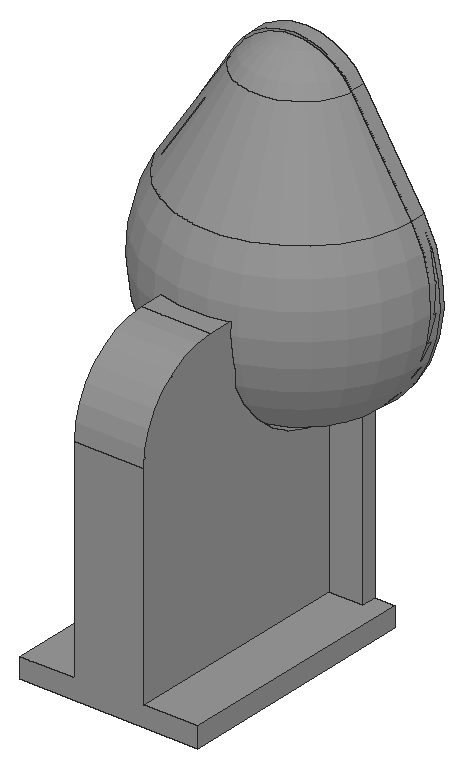
Revit family "Toilet-Willoughby-ETW-1490-OF-TS", category Plumbing Fixtures, Revit 2015
Parameters (values of type "Standard")
  Waste DIA = 2 3/8"
  Waste Connection = yes
  W-RAD [instance] = Waste DIA / 2  # 0' - 1 3/16"
  Vent Connection = no
  URL = "https://www.willoughby-ind.com/wp-content/uploads/2018/01/ETW-1490-OF.pdf"
  Type Comments = ""
  Revision = "A"
  Model = "ETW-1490-OF-TS"
  Manufacturer = "Willoughby Industries"
  HW Connection = no
  Flush inlet DIA = 1 1/2"
  Flush Inlet Connection = yes
  Fixture Body = Stainless Steel AISI 304-Willoughby
  F-RAD [instance] = Flush inlet DIA / 2  # 0' - 0 3/4"
  Description = "Off Floor Mounted Toilet, Top Spud"
  Default Elevation = 0' - 0"
  Contact Number = "(800) 428-4065"
  CW Connection = yes
Reference planes (in)
  plane 1 "Floor Level": y = -16.25
  plane 2: z = 0
  plane 3 "Center": x = 18.31072
  plane 4 "Waste height": y = -4.75
  plane 5 "Seat HGT": y = -1.25
  plane 6: y = -2.125
  plane 7 "Bottom Of Unit Off Floor": y = -13.75
  plane 8: x = 16.56072
  plane 9: x = 20.06072
  plane 10: x = 11.56072
  plane 11: x = 25.06072
  plane 12: z = 2.70924
Forms (in)
  Extrusion 1, solid, material "Stainless Steel AISI 304-Willoughby" <- "Fixture Body"
    sketch origin (16.08109, 7.47968, -7.1422) x (-1, 0, 0) y (0, 0, -1)
      loop
        line (1.29775, -16.80087) -> (1.29775, -7.1422) -> (-5.72963, -7.1422) -> (-5.72963, -16.81676)
        arc (-5.72963, -16.81676) -> (-8.98136, -21.11843) -> (-8.21015, -26.45542) r 7
        line (-8.21015, -26.45542) -> (-5.16818, -31.31054)
        arc (-5.16818, -31.31054) -> (-2.20225, -32.95225) -> (0.76368, -31.31054) r 3.5
        line (0.76368, -31.31054) -> (3.80565, -26.45542)
        arc (3.80565, -26.45542) -> (4.5729, -21.10311) -> (1.29775, -16.80087) r 7
      loop
        arc (2.03989, -24.70557) -> (-2.20225, -18.23804) -> (-6.44438, -24.70557) r 4.625
        line (-6.44438, -24.70557) -> (-4.04125, -30.23842)
        arc (-4.04125, -30.23842) -> (-2.20225, -31.45225) -> (-0.36324, -30.23842) r 2
        line (-0.36324, -30.23842) -> (2.03989, -24.70557)
    from 8.72968 to 9.5
  Revolve 2, solid, material "Stainless Steel AISI 304-Willoughby" <- "Fixture Body"
    sketch origin (19.37246, -1.52032, -3.93826) x (-1, 0, 0) y (0, 0, -1)
      loop
        line (1.06174, -12.59906) -> (1.06174, -12.84906)
        arc (1.06174, -12.84906) -> (6.96784, -16.33096) -> (6.78077, -23.18447) r 6.75
        line (6.78077, -23.18447) -> (3.81535, -27.91457)
        arc (3.81535, -27.91457) -> (2.63527, -29.03194) -> (1.06174, -29.43826) r 3.25
        line (1.06174, -29.43826) -> (1.06174, -29.68826)
        arc (1.06174, -29.68826) -> (2.75672, -29.25045) -> (4.02767, -28.04656) r 3.5
        line (4.02767, -28.04656) -> (7.06964, -23.19143)
        arc (7.06964, -23.19143) -> (7.15052, -16.14555) -> (1.06174, -12.59906) r 7
      axis (1.06174, -12.59906) -> (1.06174, -29.68826)
    angle from 0 to -180
  Extrusion 3, solid, material "Stainless Steel AISI 304-Willoughby" <- "Fixture Body"
    sketch origin (19.53334, -3.02032, -4.9508) x (0, 1, 0) y (0, 0, 1)
      loop
        line (-5.27082, 4.9508) -> (1, 4.9508) -> (1, 13.76086)
        arc (1, 13.76086) -> (-2.93256, 15.26109) -> (-5.27082, 18.76086) r 6.92744
        line (-5.27082, 18.76086) -> (-5.27082, 4.9508)
    from 0.52738 to -2.97262
  Extrusion 4, solid, material "Stainless Steel AISI 304-Willoughby" <- "Fixture Body"
    sketch origin (17.03334, 24.08792, -4.30581) x (0, 1, 0) y (0, 0, 1)
      loop
        line (-32.06656, 4.30581) -> (-32.06656, 20.30581) -> (-33.56217, 20.30581)
        arc (-33.56217, 20.30581) -> (-36.58558, 19.05347) -> (-37.83792, 16.03006) r 4.27575
        line (-37.83792, 16.03006) -> (-37.83792, 4.30581) -> (-32.06656, 4.30581)
    from -0.47262 to 3.02738
  Extrusion 5, solid, material "Stainless Steel AISI 304-Willoughby" <- "Fixture Body"
    sketch origin (0, 14.59309, 0) x (1, 0, 0) y (0, 1, 0)
      loop
        circle (18.31072, -19.34309) r 1.1875
    from 1 to -3
  Extrusion 6, solid, material "Stainless Steel AISI 304-Willoughby" <- "Fixture Body"
    sketch origin (0, 1.11185, 0) x (1, 0, 0) y (0, 0, 1)
      loop
        circle (18.31072, 2.70924) r 0.75
    from 2.36185 to 4.61185
  Extrusion 7, solid, material "Stainless Steel AISI 304-Willoughby" <- "Fixture Body"
    sketch origin (0, -16.25, 0) x (1, 0, 0) y (0, 0, 1)
      loop
        line (22.81072, 0) -> (22.81072, 1) -> (13.81072, 1) -> (13.81072, 0) -> (22.81072, 0)
    from -15 to -2.5
Cuts and joins
  joined: Extrusion 1, Extrusion 3, Extrusion 4, Extrusion 7
Lines and regions (in)
  symbolic lines
    curve 1: line (11.28334, -2.02032, 0) -> (11.28334, -1.25, 0)
    curve 2: line (11.28334, -1.25, 0) -> (25.28334, -1.25, 0)
    curve 3: line (25.28334, -1.25, 0) -> (25.28334, -2.02032, 0)
    curve 4: arc (25.28334, -2.02032, 0) -> (23.06415, -6.63018, 0) -> (18.31072, -8.52239, 0) r 7.0442
    curve 5: arc (18.31072, -8.52239, 0) -> (13.54414, -6.62547, 0) -> (11.28334, -2.02032, 0) r 7.13312
    curve 6: line (20.06072, -8.28853, 0) -> (20.06072, -13.75, 0)
    curve 7: line (22.81072, -6.85535, 0) -> (22.81072, -13.75, 0)
    curve 8: line (22.81072, -13.75, 0) -> (13.81072, -13.75, 0)
    curve 9: line (13.81072, -13.75, 0) -> (13.81072, -6.86008, 0)
    curve 10: line (16.56072, -8.28466, 0) -> (16.56072, -13.75, 0)
    curve 11: line (14.78334, -16.25, 9.65867) -> (14.78334, -16.25, 1)
    curve 12: line (14.78334, -16.25, 1) -> (13.81072, -16.25, 1)
    curve 13: line (13.81072, -16.25, 1) -> (13.81072, -16.25, 0)
    curve 14: line (13.81072, -16.25, 0) -> (22.81072, -16.25, 0)
    curve 15: line (22.81072, -16.25, 0) -> (22.81072, -16.25, 1)
    curve 16: line (22.81072, -16.25, 1) -> (21.81072, -16.25, 1)
    curve 17: line (21.81072, -16.25, 1) -> (21.81072, -16.25, 9.67456)
    curve 18: arc (21.81072, -16.25, 9.67456) -> (25.08911, -16.25, 13.96937) -> (24.29124, -16.25, 19.31322) r 6.93578
    curve 19: line (24.29124, -16.25, 19.31322) -> (21.24927, -16.25, 24.16835)
    curve 20: arc (21.24927, -16.25, 24.16835) -> (19.98923, -16.25, 25.34792) -> (18.31072, -16.25, 25.75) r 3.37397
    curve 21: arc (18.31072, -16.25, 25.75) -> (16.62783, -16.25, 25.31163) -> (15.31741, -16.25, 24.16835) r 3.79331
    curve 22: line (15.31741, -16.25, 24.16835) -> (12.34391, -16.25, 19.32101)
    curve 23: arc (12.34391, -16.25, 19.32101) -> (11.52805, -16.25, 13.97592) -> (14.78334, -16.25, 9.65867) r 6.9627
    curve 29: line (18.31072, -13.75, 11.75444) -> (18.31072, -13.75, 0)
    curve 30: line (18.31072, -13.75, 0) -> (18.31072, -1.25, 0)
    curve 31: line (18.31072, -1.25, 0) -> (18.31072, -1.25, 25.81005)
    curve 32: line (18.31072, -1.25, 25.81005) -> (18.31072, -2.02032, 25.81005)
    curve 33: arc (18.31072, -2.02032, 25.81005) -> (18.31072, -3.43554, 25.21602) -> (18.31072, -4.47778, 24.08932) r 3.62265
    curve 34: line (18.31072, -4.47778, 24.08932) -> (18.31072, -7.52822, 19.25317)
    curve 35: arc (18.31072, -7.52822, 19.25317) -> (18.31072, -8.23907, 17.69094) -> (18.31072, -8.50508, 15.99534) r 6.34324
    curve 36: line (18.31072, -8.27911, 15.99534) -> (18.31072, -9.5091, 15.99534)
    curve 37: arc (18.31072, -9.5091, 15.99534) -> (18.31072, -12.50787, 14.75321) -> (18.31072, -13.75, 11.75444) r 4.2409
    curve 38: arc (18.31072, -8.27911, 15.99534) -> (18.31072, -8.26214, 14.45716) -> (18.31072, -7.97864, 12.94525) r 8.83503
    curve 39: arc (18.31072, -7.97864, 12.94525) -> (18.31072, -5.58388, 10.0356) -> (18.31072, -2.02032, 8.81005) r 6.92744
    curve 40: line (18.31072, -1.25, 9.65867) -> (18.31072, -1.97294, 9.65867)
    curve 41: line (18.31072, -1.97294, 9.65867) -> (18.31072, -1.97294, 1)
    curve 42: line (18.31072, -1.25, 1) -> (18.31072, -13.75, 1)
  symbolic lines, detail levels fine
    curve 24: arc (14.0412, -16.25, 17.56337) -> (18.28334, -16.25, 11.09585) -> (22.52547, -16.25, 17.56337) r 4.625
    curve 25: line (22.52547, -16.25, 17.56337) -> (20.12234, -16.25, 23.09622)
    curve 26: arc (20.12234, -16.25, 23.09622) -> (19.38317, -16.25, 23.97635) -> (18.28334, -16.25, 24.31005) r 2.01767
    curve 27: arc (18.28334, -16.25, 24.31005) -> (17.17969, -16.25, 23.98213) -> (16.44433, -16.25, 23.09622) r 1.9827
    curve 28: line (16.44433, -16.25, 23.09622) -> (14.0412, -16.25, 17.56337)
Dimensions and locks (in)
  plane 1 "Floor Level" to plane 4 "Waste height" = 0' - 11 1/2"
  plane 1 "Floor Level" to plane 5 "Seat HGT" = 1' - 3"
  plane 1 "Floor Level" to plane 7 "Bottom Of Unit Off Floor" = 0' - 2 1/2"
  "W-RAD": radius of Extrusion 5 sketch curve
  "F-RAD": radius of Extrusion 6 sketch curve
  aligned and locked: plane 3 "Center" to Extrusion 5 sketch curve
  aligned and locked: plane 4 "Waste height" to Extrusion 5 sketch curve
  aligned and locked: plane 3 "Center" to Extrusion 6 sketch curve
  aligned and locked: plane 12 to Extrusion 6 sketch curve
  aligned and locked: cut or joined group of Extrusion 1, Extrusion 3, Extrusion 4, Extrusion 7 to cut or joined group of Extrusion 1, Extrusion 3, Extrusion 4, Extrusion 7
Automatic sketch dimensions
  Extrusion 1 sketch curve to Extrusion 1 sketch curve = 0' - 0"  (x8)
  Extrusion 1 sketch curve to level = 0' - 0"
  plane 3 "Center" to Extrusion 1 sketch curve = 0' - 5.98052"
  Extrusion 1 sketch curve to Extrusion 1 sketch curve = 0' - 1.76576"  (x2)
  plane 3 "Center" to Extrusion 1 sketch curve = 0' - 3 1/2"
  plane 3 "Center" to Extrusion 1 sketch curve = 0' - 2.93855"
  Extrusion 1 sketch curve to Extrusion 1 sketch curve = 0' - 1.12693"  (x2)
  Extrusion 1 sketch curve to plane 3 "Center" = 0' - 0.02738"  (x2)
  Extrusion 1 sketch curve to plane 3 "Center" = 0' - 1.86639"
  Extrusion 1 sketch curve to plane 3 "Center" = 0' - 3.52738"
  Extrusion 1 sketch curve to plane 3 "Center" = 0' - 4 69/256"
  Extrusion 1 sketch curve to Extrusion 1 sketch curve = 0' - 9.65867"
  Extrusion 1 sketch curve to Extrusion 1 sketch curve = 0' - 0.01589"
  Extrusion 1 sketch curve to Extrusion 1 sketch curve = 0' - 6.06218"
  Extrusion 1 sketch curve to Extrusion 1 sketch curve = 0' - 1.74985"
  Extrusion 1 sketch curve to Extrusion 1 sketch curve = 0' - 4.74668"
  Extrusion 1 sketch curve to Extrusion 1 sketch curve = 0' - 0.78617"
  Extrusion 1 sketch curve to Extrusion 1 sketch curve = 0' - 1.07212"
  Revolve 2 sketch curve to Revolve 2 sketch curve = 0' - 0"  (x2)
  Revolve 2 sketch curve to plane 3 "Center" = 0' - 0"  (x3)
  plane 3 "Center" to Revolve 2 sketch curve = 0' - 0"
  Revolve 2 sketch curve to plane 3 "Center" = 0' - 2.75361"
  Revolve 2 sketch curve to Revolve 2 sketch curve = 0' - 0.21232"
  Revolve 2 sketch curve to Revolve 2 sketch curve = 0' - 2.96542"
  Revolve 2 sketch curve to Revolve 2 sketch curve = 0' - 0.28887"
  level to Revolve 2 sketch curve = 2' - 1 3/4"
  Revolve 2 sketch curve to Revolve 2 sketch curve = 0' - 0 1/4"
  Revolve 2 sketch curve to Revolve 2 sketch curve = 0' - 1.3917"
  Revolve 2 sketch curve to Revolve 2 sketch curve = 0' - 0.13199"
  Revolve 2 sketch curve to Revolve 2 sketch curve = 0' - 4.85513"
  Revolve 2 sketch curve to Revolve 2 sketch curve = 0' - 0.00696"
  Revolve 2 sketch curve to Revolve 2 sketch curve = 0' - 3 1/4"
  Revolve 2 sketch curve to Revolve 2 sketch curve = 0' - 3.3392"
  Revolve 2 sketch curve to Revolve 2 sketch curve = 0' - 2.4108"
  Extrusion 3 sketch curve to level = 0' - 0"
  plane 4 "Waste height" to Extrusion 3 sketch curve = 0' - 3.54114"
  plane 6 to Extrusion 3 sketch curve = 0' - 0.10468"
  plane 5 "Seat HGT" to Extrusion 3 sketch curve = 0' - 0.38413"
  Extrusion 3 sketch curve to Extrusion 3 sketch curve = 0' - 8.81005"
  Extrusion 3 sketch curve to Extrusion 3 sketch curve = 0' - 5"
  Extrusion 4 sketch curve to plane 7 "Bottom Of Unit Off Floor" = 0' - 0"
  Extrusion 4 sketch curve to level = 0' - 0"
  Extrusion 4 sketch curve to plane 7 "Bottom Of Unit Off Floor" = 0' - 4.27575"
  Extrusion 4 sketch curve to Extrusion 4 sketch curve = 0' - 1.49561"
  Extrusion 4 sketch curve to Extrusion 4 sketch curve = 0' - 11.72425"
  plane 10 to Extrusion 7 sketch curve = 0' - 2 1/4"
  Extrusion 7 sketch curve to plane 11 = 0' - 2 1/4"
  Extrusion 7 sketch curve to level = 0' - 0"
  level to Extrusion 7 sketch curve = 0' - 1"
  plane 5 "Seat HGT" to curve 1 = 0' - 0"
  plane 7 "Bottom Of Unit Off Floor" to curve 9 = 0' - 0"
  curve 10 to plane 8 = 0' - 0"
  curve 5 to plane 3 "Center" = 0' - 0"
  curve 6 to plane 9 = 0' - 0"
  plane 10 to curve 8 = 0' - 2 1/4"
  curve 4 to plane 3 "Center" = 0' - 0.05071"
  plane 3 "Center" to curve 5 = 0' - 0.07781"
  curve 8 to plane 11 = 0' - 2 1/4"
  plane 6 to curve 3 = 0' - 0.10468"
  plane 11 to curve 3 = 0' - 0.22262"
  plane 6 to curve 1 = 0' - 0.10468"
  plane 5 "Seat HGT" to curve 4 = 0' - 0.22837"
  curve 5 to curve 10 = 0' - 0.23773"
  curve 14 to level = 0' - 0"
  curve 20 to plane 3 "Center" = 0' - 0"
  curve 21 to plane 3 "Center" = 0' - 0"
  curve 24 to plane 3 "Center" = 0' - 0.02738"
  curve 23 to plane 3 "Center" = 0' - 0.0318"
  curve 27 to plane 3 "Center" = 0' - 0.03882"
  curve 26 to curve 27 = 0' - 0.0002"
  curve 22 to plane 8 = 0' - 1.24331"
  curve 11 to plane 8 = 0' - 1.77738"
  curve 13 to curve 11 = 0' - 0.97262"
  plane 10 to curve 22 = 0' - 0.78319"
  plane 3 "Center" to curve 18 = 0' - 0.06148"
  plane 3 "Center" to curve 20 = 0' - 0.07942"
  plane 3 "Center" to curve 21 = 0' - 0.08929"
  plane 9 to curve 25 = 0' - 0.06162"
  plane 9 to curve 19 = 0' - 1.18855"
  plane 9 to curve 16 = 0' - 1 3/4"
  plane 9 to curve 25 = 0' - 2.46475"
  curve 16 to curve 16 = 0' - 1"
  curve 19 to plane 11 = 0' - 0.76948"
  level to curve 12 = 0' - 1"
  level to curve 16 = 0' - 1"
  plane 12 to curve 11 = 0' - 6.94943"
  plane 12 to curve 17 = 0' - 6.96532"
  curve 11 to curve 23 = 0' - 6.02163"
  curve 23 to curve 18 = 0' - 0.01768"
  curve 23 to curve 24 = 0' - 0.04055"
  curve 25 to curve 18 = 0' - 1.74985"
  curve 25 to curve 21 = 0' - 4.39436"
  curve 21 to curve 26 = 0' - 0.33468"
  curve 26 to curve 27 = 0' - 0.03496"
  curve 27 to curve 20 = 0' - 0.04959"
  curve 25 to curve 19 = 0' - 1.07212"
  curve 27 to curve 26 = 0' - 0"
  curve 28 to plane 8 = 0' - 0.11639"
  curve 22 to curve 28 = 0' - 1.69729"
  curve 29 to plane 7 "Bottom Of Unit Off Floor" = 0' - 0"
  curve 40 to plane 5 "Seat HGT" = 0' - 0"
  curve 29 to level = 0' - 0"
  curve 37 to plane 7 "Bottom Of Unit Off Floor" = 0' - 4.2409"
  curve 37 to curve 36 = 0' - 1.22999"
  plane 4 "Waste height" to curve 34 = 0' - 2.77822"
  curve 34 to plane 4 "Waste height" = 0' - 0.27222"
  curve 35 to plane 6 = 0' - 0.0381"
  plane 6 to curve 32 = 0' - 0.10468"
  plane 6 to curve 40 = 0' - 0.15206"
  plane 5 "Seat HGT" to curve 39 = 0' - 0.38413"
  plane 5 "Seat HGT" to curve 33 = 0' - 0.10768"
  curve 38 to plane 5 "Seat HGT" = 0' - 1.78033"
  plane 12 to curve 40 = 0' - 6.94943"
  curve 40 to curve 37 = 0' - 2.09577"
  curve 40 to curve 38 = 0' - 5.66467"
  curve 38 to curve 39 = 0' - 0.40338"
  curve 39 to curve 35 = 0' - 0.14236"
  curve 38 to curve 34 = 0' - 3 33/128"
  curve 35 to curve 33 = 0' - 6.37945"
  curve 33 to curve 34 = 0' - 1.8408"
  curve 37 to curve 39 = 0' - 1.53047"
  plane 6 to curve 39 = 0' - 0.10468"
  level to curve 42 = 0' - 1"
Connectors (in)
  piping at (18.31072, -4.75, -3), diameter 2.375, driven by "W-RAD", driven by "Waste Connection"
    settings: on Extrusion 5, index 1, connector inside diameter 2 1/2", connector length 0' - 0", flow factor 0, pipe flow 0 GPM, pressure drop 0.00 psi, fitting loss kfactor 0, connector angle 0.00°, fixture units 0, engagement length 0' - 0", angle of deflection 0.00°, flow configuration 0, flow direction 2, fitting loss method 0, system type 16, joint type 0, gender type 0, connector reference index -1, connector utility 1, adjustable connector yes, is connector primary yes, connector description "Toilet Waste"
  piping at (18.31072, -3.5, 2.70924), diameter 1.5, driven by "F-RAD", driven by "Flush Inlet Connection"
    settings: on Extrusion 6, index 2, connector inside diameter 1 1/2", connector length 0' - 0", flow factor 0, pipe flow 0 GPM, pressure drop 0.00 psi, fitting loss kfactor 0, connector angle 0.00°, fixture units 0, engagement length 0' - 0", angle of deflection 0.00°, flow configuration 0, flow direction 1, fitting loss method 0, system type 20, joint type 0, gender type 0, connector reference index -1, connector utility 1, adjustable connector no, is connector primary no, connector description "Flush Inlet"
